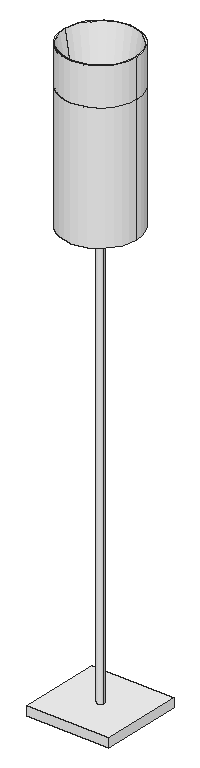
Revit family "Voila 4 Cylinder Pendant", category Lighting Fixtures, host Face, Revit 2015
Parameters
  Wattage = 9.2903 W
  built-in parameter 1150110 = 1 (stored number, unit not read)
  Voltage = if([120 Volts], 120 V, if([277 Volts], 277 V, if([277 Volts], 347 V, if([UNV 120 Volts-277 Volts], 120 V, 120 V))))  # 120 V
  URL = "http://www.lumenwerx.com"
  UNV 120 Volts-277 Volts = no
  built-in parameter 1114217 = 1 (stored number, unit not read)
  Tilt Angle = -90.00°  # constant formula
  built-in parameter 1150109 = 1 (stored number, unit not read)
  built-in parameter 1150134 = 3
  built-in parameter 1150113 = 1 (stored number, unit not read)
  Photometric Web File = "Generic"
  Pendant Canopy = yes
  Optics = Lumenwerx CS Lens
  Mounting Height = 24"
  Model = "Voila 4 Cylinder Pendant"  # constant formula
  Manufacturer = "Lumenwerx"  # constant formula
  built-in parameter 1150105 = 109.82 (stored number, unit not read)
  Lumens = 1380 lm
  built-in parameter 1150115 = 1 (stored number, unit not read)
  Luminaire ID = "VO4CYP"
  Link to Product Page = "http://lumenwerx.com/en/product-line/voila-4-cylinder-cuboid-2/"
  Link to IES File = ""
  built-in parameter 1150137 = (empty or 0)
  built-in parameter 1150139 = (empty or 0)
  built-in parameter 1150112 = 1 (stored number, unit not read)
  built-in parameter 1150114 = 1 (stored number, unit not read)
  Lamp = "LED"  # constant formula
  built-in parameter 1150132 = (empty or 0)
  built-in parameter 1150102 = (empty or 0)
  built-in parameter 1150107 = 3200 (stored number, unit not read)
  built-in parameter 1150138 = (empty or 0)
  built-in parameter 1150106 = 1.0982 (stored number, unit not read)
  Fixture Width = 4"
  Fixture Height = 9"
  Finish = Lumenwerx Standard White
  built-in parameter 1150104 = 13.8 (stored number, unit not read)
  Dimming Lamp Color Temperature Shift = <None>
  Default Elevation = 48"
  Conduit Feed = not(Pendant Canopy)  # no
  Color Temperature = 0 K
  Color Filter = 16777215
  built-in parameter 1114218 = 1 (stored number, unit not read)
  Baffle Position = 1"
  built-in parameter 1150133 = 10 (stored number, unit not read)
  Apparent Load = 0 VA
  347 Volts = no
  277 Volts = no
  120 Volts = yes
Reference planes (in)
  plane 1 "Center (Front/Back)": y = 0
  plane 2: z = 0
  plane 3 "Center (Left/Right)": x = 0
  plane 4: x = -2
  plane 5: x = 2
Forms (in)
  Revolve 1, solid, not visible
    sketch origin (0, 0, 0) x (1, 0, 0) y (0, 0, 1)
      loop
        line (0, 0.25) -> (-1, 0.25) -> (-1, 0) -> (-0.96777, 0) -> (-0.96777, 0.21676) -> (0, 0.21676) -> (0, 0.25)
      axis (0, 0.25) -> (0, 0)
    angle from 0 to 360
  Revolve 2, solid, not visible
    sketch origin (0, 0, -2.75) x (1, 0, 0) y (0, 0, 1)
      loop
        line (0, 3) -> (0.175, 3) -> (0.175, 4) -> (0, 4) -> (0, 3)
      axis (0, 4) -> (0, 3)
    angle from 0 to 360
  Revolve 3, solid, not visible
    sketch origin (0, 0, 0) x (1, 0, 0) y (0, 0, 1)
      loop
        line (0, 1.25) -> (0, 11.25) -> (-0.03134, 11.25) -> (-0.03134, 1.25) -> (0, 1.25)
      axis (0, 1.25) -> (0, 11.25)
    angle from 0 to 360
  Extrusion 4, solid, material "Lumenwerx Standard White" <- "Finish", not visible
    sketch origin (0, 0, 0) x (1, 0, 0) y (0, 1, 0)
      loop
        line (-1.91, 0.66) -> (-1.91, -0.66) -> (1.91, -0.66) -> (1.91, 0.66) -> (-1.91, 0.66)
    from 31.6 to 32
  Extrusion 5, void, not visible
    sketch origin (0, 0, 0) x (1, 0, 0) y (0, 1, 0)
      loop
        line (-1.86, 0.61) -> (-1.86, -0.61) -> (-0.66, -0.61) -> (-0.66, 0.61) -> (-1.86, 0.61)
      loop
        line (1.86, -0.61) -> (1.86, 0.61) -> (0.66, 0.61) -> (0.66, -0.61) -> (1.86, -0.61)
      loop
        line (-0.6, 0.61) -> (-0.6, -0.61) -> (0.6, -0.61) -> (0.6, 0.61) -> (-0.6, 0.61)
    from 32 to 31.6
  Extrusion 6, solid, material "Lumenwerx Standard White" <- "Finish"
    sketch origin (0, 0, 0) x (1, 0, 0) y (0, 1, 0)
      loop
        circle (0, 0) r 2
      loop
        circle (0, 0) r 1.96
    from 24 to 30.93
  Extrusion 7, solid, material "Lumenwerx Standard White" <- "Finish", visible <- "Conduit Feed"
    sketch origin (0, 0, 0) x (1, 0, 0) y (0, 1, 0)
      loop
        line (-3, 3) -> (-3, -3) -> (3, -3) -> (3, 3) -> (-3, 3)
    from 0 to 1.5
  Blend 8, void
    base sketch origin (0, 0, 0) x (1, 0, 0) y (0, 1, 0)
      loop
        circle (0, 0) r 1.96
    top sketch origin (0, 0, 0) x (1, 0, 0) y (0, 1, 0)
      loop
        circle (0, 0) r 1.6
    from 33 to 30.93
  Extrusion 9, solid, material "Lumenwerx CS Lens" <- "Optics"
    sketch origin (0, 0, 0) x (1, 0, 0) y (0, 1, 0)
      loop
        circle (0, 0) r 1.6
    from 30.93 to 31
  Extrusion 10, solid, material "Lumenwerx Standard White"
    sketch origin (0, 0, 0) x (1, 0, 0) y (0, 1, 0)
      loop
        circle (0, 0) r 0.18
    from 0 to 24
  Extrusion 11, solid, material "Lumenwerx Standard White", visible <- "Pendant Canopy"
    sketch origin (0, 0, 0) x (1, 0, 0) y (0, 1, 0)
      loop
        line (-2.25, 2.25) -> (-2.25, -2.25) -> (2.25, -2.25) -> (2.25, 2.25) -> (-2.25, 2.25)
    from 0 to 0.5
  Extrusion 12, solid
    sketch origin (0, 0, 0) x (1, 0, 0) y (0, 1, 0)
      loop
        circle (0, 0) r 1.96
    from 24 to 24.3
  Extrusion 13, solid, material "Lumenwerx Standard White" <- "Finish"
    sketch origin (0, 0, 0) x (1, 0, 0) y (0, 1, 0)
      loop
        circle (0, 0) r 2
    from 30.93 to 33
Cuts and joins
  Blend 8 cuts Extrusion 7
  Blend 8 cuts Extrusion 6
  Blend 8 cuts Extrusion 13
Lines and regions (in)
  reference lines
    curve 1: line (0, 29.015, 33) -> (0, -29.735, 33)
    curve 2: line (0, 29.015, 24) -> (0, -29.735, 24)
    curve 3: line (-2, 0, -16) -> (-2, 0, 67.75)
    curve 4: line (2, 0, -16) -> (2, 0, 67.75)
    curve 5: line (0, -2, -16) -> (0, -2, 70)
    curve 6: line (0, 2, 86.27586) -> (0, 2, -24)
    curve 7: line (-32.56803, 0, 36) -> (37.43197, 0, 36)
    curve 8: line (-32.56803, 2, 0) -> (37.43197, 2, 0)
    curve 9: line (37.43197, -2, 0) -> (-32.56803, -2, 0)
    curve 10: line (0, 29.015, 31) -> (0, -29.735, 31)
    curve 11: line (0, 12, 30.93) -> (0, -12, 30.93)
    curve 12: line (0, -29.735, 24.3) -> (0, 29.015, 24.3)
Dimensions and locks (in)
  curve 4 to curve 3 = 4"
  "Fixture Height": curve 2 to curve 1
  equal spacing: curve 4, plane 3 "Center (Left/Right)", curve 3
  equal spacing: curve 6, curve 3, curve 5
  "Fixture Width": curve 6 to curve 5
  connector elem to curve 4 = 2"
  curve 7 to host face = 36"
  "Mounting Height": host face to curve 2
  equal spacing: curve 9, curve 7, curve 8
  "Fixture Width": curve 9 to curve 8
  equal spacing: plane 4, plane 3 "Center (Left/Right)", plane 5
  "Fixture Width": plane 4 to plane 5
  locked: curve 10 to curve 1 at 2
  locked: curve 11 to curve 10 at 0.07
  locked: curve 12 to curve 2 at 0.3
  aligned and locked: plane 2 to host face
  aligned and locked: level to host face
  aligned and locked: imposter light to plane 1 "Center (Front/Back)"
  aligned and locked: curve 2 to Extrusion 6
  aligned and locked: Blend 8 to curve 1
  aligned and locked: imposter light to curve 10
  aligned and locked: Extrusion 9 to curve 10
  aligned and locked: curve 11 to Extrusion 9
  aligned and locked: Extrusion 10 to curve 2
  aligned and locked: curve 2 to Extrusion 12
  aligned and locked: curve 12 to Extrusion 12
  aligned and locked: cut or joined group of Extrusion 6, Blend 8 to curve 11
  aligned and locked: Extrusion 13 to curve 1
  aligned and locked: curve 11 to Extrusion 13
  aligned and locked: Blend 8 to Extrusion 9
Automatic sketch dimensions
  Revolve 1 sketch curve to Revolve 1 sketch curve = 0.96777"
  Revolve 1 sketch curve to Revolve 1 sketch curve = 0.03324"
  Revolve 1 sketch curve to Revolve 1 sketch curve = 0"
  Revolve 1 sketch curve to Revolve 1 sketch curve = 0.11081"
  Revolve 2 sketch curve to Revolve 2 sketch curve = 0.175"
  Revolve 2 sketch curve to Revolve 2 sketch curve = 1"
  Revolve 2 sketch curve to Revolve 2 sketch curve = 0"  (x2)
  Revolve 2 sketch curve to Revolve 2 sketch curve = 0.5"
  Revolve 3 sketch curve to Revolve 3 sketch curve = 10"
  Revolve 3 sketch curve to Revolve 3 sketch curve = 0"  (x2)
  Revolve 3 sketch curve to Revolve 3 sketch curve = 1.25"
  Revolve 1 sketch curve to Revolve 1 sketch curve = 0.03223"
  Revolve 1 sketch curve to Revolve 1 sketch curve = 0.21676"  (x2)
  Revolve 3 sketch curve to Revolve 3 sketch curve = 0.03134"
  host sketch curve to host sketch curve = 96"  (x2)
  Extrusion 5 sketch curve to Extrusion 5 sketch curve = 0.06"  (x2)
  Extrusion 5 sketch curve to Extrusion 5 sketch curve = 1.2"  (x3)
  Extrusion 5 sketch curve to Extrusion 5 sketch curve = 0"  (x3)
  Extrusion 4 sketch curve to Extrusion 4 sketch curve = 3.82"
  Extrusion 4 sketch curve to Extrusion 4 sketch curve = 1.32"
  Extrusion 5 sketch curve to Extrusion 5 sketch curve = 1.22"  (x2)
  curve 7 to plane 3 "Center (Left/Right)" = 32.56803"
  plane 3 "Center (Left/Right)" to curve 7 = 37.43197"
  curve 3 to level = 16"
  curve 4 to curve 3 = 0"
  curve 7 to curve 4 = 31.75"
  curve 3 to curve 4 = 0"
  plane 3 "Center (Left/Right)" to Extrusion 7 sketch curve = 3"
  plane 1 "Center (Front/Back)" to Extrusion 7 sketch curve = 3"
  Extrusion 7 sketch curve to plane 1 "Center (Front/Back)" = 3"
  Extrusion 7 sketch curve to plane 3 "Center (Left/Right)" = 3"
  plane 1 "Center (Front/Back)" to Extrusion 10 sketch curve = 0"
  Extrusion 10 sketch curve to plane 3 "Center (Left/Right)" = 0"
  Extrusion 11 sketch curve to plane 3 "Center (Left/Right)" = 2.25"
  plane 5 to Extrusion 11 sketch curve = 0.25"
  plane 1 "Center (Front/Back)" to Extrusion 11 sketch curve = 2.25"
  Extrusion 11 sketch curve to Extrusion 11 sketch curve = 4.5"
  plane 1 "Center (Front/Back)" to Blend 8 sketch curve = 0"  (x2)
  Blend 8 sketch curve to plane 3 "Center (Left/Right)" = 0"  (x2)
  plane 1 "Center (Front/Back)" to Extrusion 9 sketch curve = 0"
  Extrusion 9 sketch curve to plane 3 "Center (Left/Right)" = 0"
  Extrusion 6 sketch curve to Extrusion 6 sketch curve = 0"  (x2)
  plane 1 "Center (Front/Back)" to Extrusion 6 sketch curve = 0"
  Extrusion 6 sketch curve to plane 3 "Center (Left/Right)" = 0"
  plane 1 "Center (Front/Back)" to Extrusion 12 sketch curve = 0"
  Extrusion 12 sketch curve to plane 3 "Center (Left/Right)" = 0"
  plane 1 "Center (Front/Back)" to Extrusion 13 sketch curve = 0"
  Extrusion 13 sketch curve to plane 3 "Center (Left/Right)" = 0"
  curve 9 to plane 4 = 30.56803"
  curve 8 to curve 9 = 0"  (x2)
  plane 5 to curve 9 = 35.43197"
  plane 1 "Center (Front/Back)" to curve 11 = 12"
  curve 12 to curve 11 = 17.735"
  curve 2 to curve 12 = 0"
  curve 10 to curve 12 = 0"
  curve 1 to curve 10 = 0"
  curve 11 to plane 1 "Center (Front/Back)" = 12"
  curve 11 to curve 2 = 17.015"
  curve 1 to curve 2 = 0"
  curve 10 to curve 1 = 0"
  curve 12 to curve 2 = 0"
  curve 5 to level = 16"
  curve 6 to curve 5 = 8"
  curve 11 to curve 5 = 39.07"
  curve 5 to curve 6 = 16.27586"
  radius of Extrusion 10 sketch curve = 0.18"
  radius of Blend 8 sketch curve = 1.6"
  radius of Blend 8 sketch curve = 1.96"
  radius of Extrusion 9 sketch curve = 1.6"
  radius of Extrusion 6 sketch curve = 2"
  radius of Extrusion 6 sketch curve = 1.96"
  radius of Extrusion 12 sketch curve = 1.96"
  radius of Extrusion 13 sketch curve = 2"
Connectors (in)
  electrical at (0, 0, 0), driven by "Voltage"
    settings: index 1, voltage 120 V, apparent load 0 VA, apparent load phase1 0 VA, apparent load phase2 0 VA, apparent load phase3 0 VA, power factor 1, load classification "Other", number of poles 1, system type 31, power factor state 1, is connector primary yes, connector utility no, sub classification motor no, connector description ""
